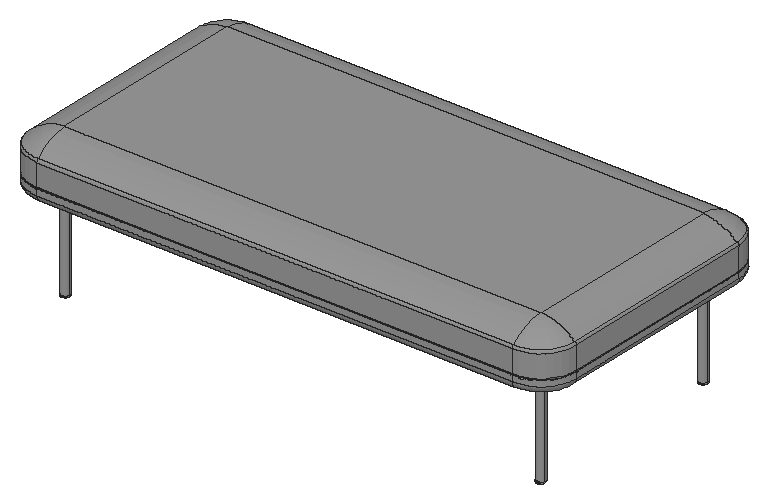
Revit family "QT_Lounge_60in_Bench", category Generic Models, Revit 2018
Family settings
  Can host rebar = No
  Round Connector Dimension = Use Diameter
  Part Type = Normal
  Work Plane-Based = No
  Always vertical = Yes
  Cut with Voids When Loaded = No
  Shared = No
  Room Calculation Point = No
Parameters
  Width = 2' - 6.86614"
  URL = "http://www.poppin.com"
  Seat Base = Seat Base
  Manufacturer = "Poppin, Inc."
  Length = 5' - 1.61417"
  Legs = Legs
  Height = 1' - 5.00787"
  Description = "QT_Lounge_60in_Bench"
  Copyright = "Copyright © Poppin, Inc."
Reference planes (in)
  plane 1 "Center (Front/Back)": y = 0
  plane 2: z = 0
  plane 3 "Center (Left/Right)": x = 0
Forms (in)
  Extrusion 1, solid, material "Seat Base" <- "Seat Base"
    sketch origin (0, 0, 0) x (1, 0, 0) y (0, 1, 0)
      loop
        arc (-26.80709, 15.43307) -> (-29.63551, 14.2615) -> (-30.80709, 11.43307) r 4
        line (-30.80709, 11.43307) -> (-30.80709, -11.43307)
        arc (-30.80709, -11.43307) -> (-29.63551, -14.2615) -> (-26.80709, -15.43307) r 4
        line (-26.80709, -15.43307) -> (26.80709, -15.43307)
        arc (26.80709, -15.43307) -> (29.63551, -14.2615) -> (30.80709, -11.43307) r 4
        line (30.80709, -11.43307) -> (30.80709, 11.43307)
        arc (30.80709, 11.43307) -> (29.63551, 14.2615) -> (26.80709, 15.43307) r 4
        line (26.80709, 15.43307) -> (-26.80709, 15.43307)
    from 11 to 17
  Sweep 2, void
    path origin (0, 0, 17) x (1, 0, 0) y (0, 1, 0)
      loop
        line (-30.80709, 11.43307) -> (-30.80709, -11.43307)
        arc (-30.80709, -11.43307) -> (-29.63551, -14.2615) -> (-26.80709, -15.43307) r 4
        line (-26.80709, -15.43307) -> (26.80709, -15.43307)
        arc (26.80709, -15.43307) -> (29.63551, -14.2615) -> (30.80709, -11.43307) r 4
        line (30.80709, -11.43307) -> (30.80709, 11.43307)
        arc (30.80709, 11.43307) -> (29.63551, 14.2615) -> (26.80709, 15.43307) r 4
        line (26.80709, 15.43307) -> (-26.80709, 15.43307)
        arc (-26.80709, 15.43307) -> (-29.63551, 14.2615) -> (-30.80709, 11.43307) r 4
    profile origin (-30.80709, 0, 17) x (1, 0, 0) y (0, 0, 1)
      loop
        line (0, 0) -> (0, -1.866)
        arc (0, -1.866) -> (0.05819, -1.70496) -> (0.16515, -1.57124) r 0.52442
        arc (0.16515, -1.57124) -> (1.91728, -0.46442) -> (3.93701, 0) r 6.17172
        line (3.93701, 0) -> (0, 0)
      loop
        line (0, -6) -> (0.7874, -6)
        arc (0.7874, -6) -> (0.23062, -5.76938) -> (0, -5.2126) r 0.7874
        line (0, -5.2126) -> (0, -6)
      loop
        arc (0.05072, -4.499) -> (0.01486, -4.48414) -> (0, -4.44828) r 0.05072
        line (0, -4.44828) -> (0, -4.54972)
        arc (0, -4.54972) -> (0.01486, -4.51386) -> (0.05072, -4.499) r 0.05072
  Extrusion 3, void
    sketch origin (0, 0, 0) x (1, 0, 0) y (0, 1, 0)
      loop
        line (-27.59843, -12.02756) -> (27.59843, -12.02756) -> (27.59843, 12.02756) -> (-27.59843, 12.02756) -> (-27.59843, -12.02756)
    from 11 to 12.5748
  Extrusion 4, solid, material "Seat Base" <- "Seat Base"
    sketch origin (0, 0, 0) x (1, 0, 0) y (0, 1, 0)
      loop
        line (-28.38583, 12.81496) -> (-28.38583, -12.81496) -> (28.38583, -12.81496) -> (28.38583, 12.81496) -> (-28.38583, 12.81496)
      loop
        line (27.59843, -12.02756) -> (27.59843, 12.02756) -> (-27.59843, 12.02756) -> (-27.59843, -12.02756) -> (27.59843, -12.02756)
    from 11 to 11.07874
  Revolve 5, solid, material "Legs" <- "Legs"
    sketch origin (0, -11.43732, 0) x (1, 0, 0) y (0, 0, 1)
      loop
        line (28.05413, 11) -> (26.81102, 11) -> (26.81102, 0) -> (27.28338, 0)
        arc (27.28338, 0) -> (27.29736, 0.00579) -> (27.30315, 0.01977) r 0.01977
        line (27.30315, 0.01977) -> (27.30315, 0.1654)
        arc (27.30315, 0.1654) -> (27.29394, 0.18764) -> (27.2717, 0.19685) r 0.03145
        line (27.2717, 0.19685) -> (27.30315, 0.19685) -> (27.30315, 10.875) -> (28.05413, 10.875) -> (28.05413, 11)
      axis (26.81102, 11) -> (26.81102, 0)
    angle from 0 to 360
  Revolve 6, solid, material "Legs" <- "Legs"
    sketch origin (0, 11.43732, 0) x (1, 0, 0) y (0, 0, -1)
      loop
        line (28.05413, -11) -> (28.05413, -10.875) -> (27.30315, -10.875) -> (27.30315, -0.19685) -> (27.2717, -0.19685)
        arc (27.2717, -0.19685) -> (27.29394, -0.18764) -> (27.30315, -0.1654) r 0.03145
        line (27.30315, -0.1654) -> (27.30315, -0.01977)
        arc (27.30315, -0.01977) -> (27.29736, -0.00579) -> (27.28338, 0) r 0.01977
        line (27.28338, 0) -> (26.81102, 0) -> (26.81102, -11) -> (28.05413, -11)
      axis (26.81102, -11) -> (26.81102, 0)
    angle from 0 to 360
  Revolve 7, solid, material "Legs" <- "Legs"
    sketch origin (0, 11.43732, 0) x (-1, 0, 0) y (0, 0, 1)
      loop
        line (28.05413, 11) -> (26.81102, 11) -> (26.81102, 0) -> (27.28338, 0)
        arc (27.28338, 0) -> (27.29736, 0.00579) -> (27.30315, 0.01977) r 0.01977
        line (27.30315, 0.01977) -> (27.30315, 0.1654)
        arc (27.30315, 0.1654) -> (27.29394, 0.18764) -> (27.2717, 0.19685) r 0.03145
        line (27.2717, 0.19685) -> (27.30315, 0.19685) -> (27.30315, 10.875) -> (28.05413, 10.875) -> (28.05413, 11)
      axis (26.81102, 11) -> (26.81102, 0)
    angle from 0 to 360
  Revolve 8, solid, material "Legs" <- "Legs"
    sketch origin (0, -11.43732, 0) x (-1, 0, 0) y (0, 0, -1)
      loop
        line (28.05413, -11) -> (28.05413, -10.875) -> (27.30315, -10.875) -> (27.30315, -0.19685) -> (27.2717, -0.19685)
        arc (27.2717, -0.19685) -> (27.29394, -0.18764) -> (27.30315, -0.1654) r 0.03145
        line (27.30315, -0.1654) -> (27.30315, -0.01977)
        arc (27.30315, -0.01977) -> (27.29736, -0.00579) -> (27.28338, 0) r 0.01977
        line (27.28338, 0) -> (26.81102, 0) -> (26.81102, -11) -> (28.05413, -11)
      axis (26.81102, -11) -> (26.81102, 0)
    angle from 0 to 360
Cuts and joins
  Sweep 2, Extrusion 3 cuts Extrusion 1
Dimensions and locks (in)
  cut or joined group of Extrusion 1, Sweep 2, Extrusion 3 to cut or joined group of Extrusion 1, Sweep 2, Extrusion 3 = 2' - 6.86614"
  cut or joined group of Extrusion 1, Sweep 2, Extrusion 3 to cut or joined group of Extrusion 1, Sweep 2, Extrusion 3 = 5' - 1.61417"
  cut or joined group of Extrusion 1, Sweep 2, Extrusion 3 to level = 1' - 5"
  aligned and locked: plane 2 to level
